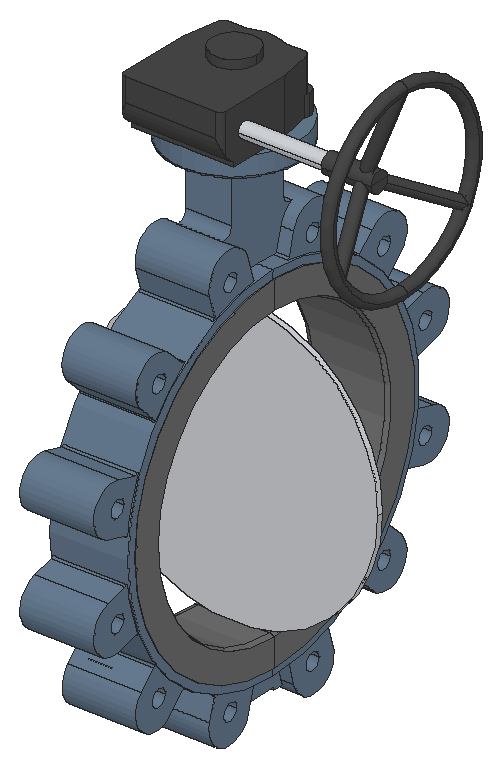
Revit family "Запорно-регулирующая заслонка с ручным редукторным приводом AF-4219", category Rohrzubehör, Revit 2021 (continued)
Dimensions and locks
  "D05": Revolve 6 sketch curve to plane 2
  "D04": Revolve 6 sketch curve to plane 2  (x2)
  "D02": Revolve 6 sketch curve to plane 2  (x2)
  "L03": plane 3 "Mitte (Links/rechts)" to Revolve 6 sketch curve
  "L02": Revolve 6 sketch curve to plane 3 "Mitte (Links/rechts)"
  "L03": Revolve 6 sketch curve to plane 3 "Mitte (Links/rechts)"
  "L01": plane 3 "Mitte (Links/rechts)" to Revolve 1 sketch curve
  "D02": Revolve 1 sketch curve to plane 2
  "L02": plane 3 "Mitte (Links/rechts)" to Revolve 6 sketch curve
  "D03": plane 2 to Revolve 6 sketch curve
  "L04": Revolve 6 sketch curve to plane 3 "Mitte (Links/rechts)" to Revolve 6 sketch curve
  "L01": curve 2 to plane 3 "Mitte (Links/rechts)" to curve 4
  equal spacing: curve 3, curve 6, curve 1
  equal spacing: curve 2, curve 6, curve 4
  "D01": curve 1 to plane 1 "Mitte (Vorne/hinten)" to curve 3
  "L01": curve 7 to curve 12 to curve 9
  "D01": curve 10 to curve 12 to curve 8
  "R99": radius of Revolve 2 sketch curve
  "D06": radius of Extrusion 7 sketch curve
  radius of curve 6 = 5 mm
  radius of curve 12 = 5 mm
  aligned and locked: level to plane 2
Automatic sketch dimensions
  Extrusion 3 sketch curve to Extrusion 3 sketch curve = 0 mm  (x20)
  Extrusion 3 sketch curve to level = 0 mm
  Extrusion 3 sketch curve to plane 1 "Mitte (Vorne/hinten)" = 0 mm
  plane 1 "Mitte (Vorne/hinten)" to Extrusion 3 sketch curve = 18.495 mm  (x2)
  Extrusion 3 sketch curve to Extrusion 3 sketch curve = 1.414 mm  (x16)
  Extrusion 3 sketch curve to Extrusion 3 sketch curve = 12.265 mm  (x8)
  Extrusion 3 sketch curve to level = 19.909 mm  (x2)
  Extrusion 3 sketch curve to Extrusion 3 sketch curve = 24.042 mm  (x8)
  level to Extrusion 3 sketch curve = 19.909 mm  (x2)
  Extrusion 3 sketch curve to Extrusion 3 sketch curve = 12.021 mm  (x12)
  Extrusion 3 sketch curve to plane 1 "Mitte (Vorne/hinten)" = 18.495 mm  (x2)
  Extrusion 3 sketch curve to Extrusion 3 sketch curve = 0.934 mm  (x4)
  Extrusion 4 sketch curve to level = 0 mm
  Extrusion 4 sketch curve to plane 1 "Mitte (Vorne/hinten)" = 0 mm
  plane 1 "Mitte (Vorne/hinten)" to Extrusion 4 sketch curve = 18.495 mm
  Extrusion 4 sketch curve to Extrusion 4 sketch curve = 1.414 mm  (x4)
  plane 1 "Mitte (Vorne/hinten)" to Extrusion 4 sketch curve = 20 mm
  Extrusion 4 sketch curve to Extrusion 4 sketch curve = 12.265 mm  (x2)
  Extrusion 4 sketch curve to Extrusion 4 sketch curve = 15 mm  (x2)
  Extrusion 4 sketch curve to Extrusion 4 sketch curve = 12.021 mm  (x4)
  Extrusion 4 sketch curve to plane 1 "Mitte (Vorne/hinten)" = 18.495 mm
  Extrusion 4 sketch curve to plane 1 "Mitte (Vorne/hinten)" = 20 mm
  level to Extrusion 4 sketch curve = 43.95 mm
  Extrusion 4 sketch curve to Extrusion 4 sketch curve = 0 mm
  Extrusion 4 sketch curve to Extrusion 4 sketch curve = 0.244 mm  (x2)
  Extrusion 4 sketch curve to Extrusion 4 sketch curve = 18.63 mm  (x2)
  Extrusion 4 sketch curve to Extrusion 4 sketch curve = 0.934 mm
  Extrusion 5 sketch curve to level = 0 mm
  Extrusion 5 sketch curve to plane 1 "Mitte (Vorne/hinten)" = 0 mm
  plane 1 "Mitte (Vorne/hinten)" to Extrusion 5 sketch curve = 15 mm
  Extrusion 5 sketch curve to Extrusion 5 sketch curve = 1.963 mm  (x2)
  Extrusion 5 sketch curve to Extrusion 5 sketch curve = 1.531 mm  (x2)
  Extrusion 5 sketch curve to Extrusion 5 sketch curve = 1.414 mm  (x4)
  Extrusion 5 sketch curve to Extrusion 5 sketch curve = 15.21 mm  (x2)
  Extrusion 5 sketch curve to Extrusion 5 sketch curve = 1.66 mm  (x2)
  Extrusion 5 sketch curve to Extrusion 5 sketch curve = 12.021 mm  (x3)
  Extrusion 5 sketch curve to plane 1 "Mitte (Vorne/hinten)" = 15 mm
  Extrusion 5 sketch curve to Extrusion 5 sketch curve = 1.037 mm  (x2)
  Extrusion 5 sketch curve to Extrusion 5 sketch curve = 1.4 mm  (x2)
  Extrusion 5 sketch curve to Extrusion 5 sketch curve = 1.785 mm  (x2)
  Extrusion 5 sketch curve to Extrusion 5 sketch curve = 12.635 mm  (x2)
  Extrusion 5 sketch curve to Extrusion 5 sketch curve = 0.934 mm
  Extrusion 5 sketch curve to Extrusion 5 sketch curve = 0.788 mm  (x2)
  Extrusion 5 sketch curve to Extrusion 5 sketch curve = 0 mm  (x2)
  Extrusion 4 sketch curve to Extrusion 4 sketch curve = 37.155 mm
  Extrusion 5 sketch curve to level = 43.95 mm
  Extrusion 8 sketch curve to Extrusion 8 sketch curve = 0 mm  (x12)
  Extrusion 8 sketch curve to level = 39.244 mm  (x2)
  plane 1 "Mitte (Vorne/hinten)" to Extrusion 8 sketch curve = 63.286 mm
  level to Extrusion 8 sketch curve = 39.244 mm  (x2)
  Extrusion 8 sketch curve to Extrusion 8 sketch curve = 9.19 mm  (x2)
  level to Extrusion 8 sketch curve = 28.614 mm  (x2)
  Extrusion 8 sketch curve to Extrusion 8 sketch curve = 1.441 mm  (x8)
  Extrusion 8 sketch curve to level = 28.614 mm  (x2)
  Extrusion 8 sketch curve to Extrusion 8 sketch curve = 12.021 mm  (x6)
  level to Extrusion 8 sketch curve = 63.286 mm  (x2)
  Extrusion 8 sketch curve to level = 63.286 mm  (x2)
  level to Extrusion 8 sketch curve = 52.636 mm  (x2)
  Extrusion 8 sketch curve to Extrusion 8 sketch curve = 10.65 mm  (x4)
  Extrusion 8 sketch curve to level = 52.636 mm  (x2)
  Extrusion 8 sketch curve to Extrusion 8 sketch curve = 1.414 mm  (x8)
  level to Extrusion 8 sketch curve = 0.001 mm  (x2)
  Extrusion 8 sketch curve to Extrusion 8 sketch curve = 28.594 mm
  Extrusion 8 sketch curve to level = 0.001 mm  (x2)
  Extrusion 8 sketch curve to Extrusion 8 sketch curve = 0.001 mm  (x2)
  Extrusion 8 sketch curve to Extrusion 8 sketch curve = 54.361 mm  (x2)
  Extrusion 8 sketch curve to Extrusion 8 sketch curve = 1.39 mm  (x2)
  Extrusion 8 sketch curve to Extrusion 8 sketch curve = 10.63 mm  (x2)
  Extrusion 8 sketch curve to Extrusion 8 sketch curve = 1.832 mm  (x2)
  Extrusion 9 sketch curve to Extrusion 9 sketch curve = 0 mm  (x5)
  Extrusion 9 sketch curve to level = 0 mm
  Extrusion 9 sketch curve to level = 51.265 mm
  plane 1 "Mitte (Vorne/hinten)" to Extrusion 9 sketch curve = 51.265 mm
  level to Extrusion 9 sketch curve = 51.265 mm
  Extrusion 9 sketch curve to Extrusion 9 sketch curve = 9.247 mm  (x3)
  Extrusion 9 sketch curve to level = 63.286 mm  (x2)
  Extrusion 9 sketch curve to Extrusion 9 sketch curve = 2.774 mm  (x4)
  level to Extrusion 9 sketch curve = 63.286 mm  (x2)
  Extrusion 9 sketch curve to Extrusion 9 sketch curve = 2.244 mm  (x2)
  Extrusion 9 sketch curve to Extrusion 9 sketch curve = 0.183 mm  (x2)
  level to Extrusion 9 sketch curve = 52.636 mm  (x2)
  Extrusion 9 sketch curve to Extrusion 9 sketch curve = 10.65 mm  (x3)
  Extrusion 9 sketch curve to level = 52.636 mm  (x2)
  Extrusion 9 sketch curve to Extrusion 9 sketch curve = 1.414 mm  (x8)
  Extrusion 9 sketch curve to Extrusion 9 sketch curve = 14.817 mm  (x2)
  Extrusion 9 sketch curve to Extrusion 9 sketch curve = 7.21 mm
  Extrusion 9 sketch curve to Extrusion 9 sketch curve = 1.971 mm
  Extrusion 9 sketch curve to Extrusion 9 sketch curve = 28.595 mm
  Extrusion 9 sketch curve to Extrusion 9 sketch curve = 36 mm
  Extrusion 9 sketch curve to Extrusion 9 sketch curve = 1.997 mm
  Extrusion 9 sketch curve to Extrusion 9 sketch curve = 44 mm
  Extrusion 9 sketch curve to Extrusion 9 sketch curve = 5.181 mm
  Extrusion 9 sketch curve to Extrusion 9 sketch curve = 7.184 mm
  Extrusion 9 sketch curve to Extrusion 9 sketch curve = 12.021 mm  (x2)
  Extrusion 9 sketch curve to Extrusion 9 sketch curve = 14.891 mm
  Extrusion 9 sketch curve to Extrusion 9 sketch curve = 6.473 mm
  Extrusion 9 sketch curve to Extrusion 9 sketch curve = 12.756 mm  (x2)
  Extrusion 9 sketch curve to Extrusion 9 sketch curve = 55.987 mm
  Extrusion 10 sketch curve to Extrusion 10 sketch curve = 0 mm  (x48)
  level to Extrusion 10 sketch curve = 14.909 mm  (x2)
  plane 1 "Mitte (Vorne/hinten)" to Extrusion 10 sketch curve = 80.416 mm
  Extrusion 10 sketch curve to level = 14.909 mm  (x2)
  Extrusion 10 sketch curve to Extrusion 10 sketch curve = 6.506 mm  (x6)
  Extrusion 10 sketch curve to level = 46.321 mm  (x2)
  level to Extrusion 10 sketch curve = 46.321 mm  (x2)
  Extrusion 10 sketch curve to level = 7.243 mm
  Extrusion 10 sketch curve to Extrusion 10 sketch curve = 13.321 mm
  level to Extrusion 10 sketch curve = 7.243 mm
  Extrusion 10 sketch curve to level = 9.076 mm  (x2)
  Extrusion 10 sketch curve to Extrusion 10 sketch curve = 0.759 mm  (x8)
  level to Extrusion 10 sketch curve = 9.076 mm  (x2)
  level to Extrusion 10 sketch curve = 40.487 mm  (x2)
  Extrusion 10 sketch curve to Extrusion 10 sketch curve = 14.082 mm  (x4)
  Extrusion 10 sketch curve to level = 40.487 mm  (x2)
  Extrusion 10 sketch curve to Extrusion 10 sketch curve = 0.758 mm  (x8)
  level to Extrusion 10 sketch curve = 67.405 mm  (x2)
  Extrusion 10 sketch curve to Extrusion 10 sketch curve = 6.243 mm  (x2)
  Extrusion 10 sketch curve to level = 67.405 mm  (x2)
  Extrusion 10 sketch curve to Extrusion 10 sketch curve = 10.245 mm  (x4)
  level to Extrusion 10 sketch curve = 53.322 mm  (x2)
  Extrusion 10 sketch curve to Extrusion 10 sketch curve = 1.831 mm  (x8)
  Extrusion 10 sketch curve to level = 53.322 mm  (x2)
  Extrusion 10 sketch curve to Extrusion 10 sketch curve = 15.706 mm  (x6)
  level to Extrusion 10 sketch curve = 80.416 mm  (x2)
  Extrusion 10 sketch curve to level = 80.416 mm  (x2)
  Extrusion 10 sketch curve to level = 66.335 mm  (x2)
  Extrusion 10 sketch curve to Extrusion 10 sketch curve = 5.832 mm  (x4)
  level to Extrusion 10 sketch curve = 66.335 mm  (x2)
  Extrusion 10 sketch curve to Extrusion 10 sketch curve = 1.833 mm  (x6)
  level to Extrusion 10 sketch curve = 0 mm
  Extrusion 10 sketch curve to Extrusion 10 sketch curve = 14.486 mm  (x2)
  Extrusion 10 sketch curve to Extrusion 10 sketch curve = 9.873 mm  (x2)
  Extrusion 10 sketch curve to Extrusion 10 sketch curve = 5.833 mm  (x2)
  Extrusion 10 sketch curve to Extrusion 10 sketch curve = 13.013 mm
  Extrusion 10 sketch curve to Extrusion 10 sketch curve = 14.081 mm  (x2)
  Extrusion 10 sketch curve to Extrusion 10 sketch curve = 1.973 mm  (x4)
  Extrusion 10 sketch curve to Extrusion 10 sketch curve = 1.544 mm  (x4)
  Extrusion 10 sketch curve to Extrusion 10 sketch curve = 1.243 mm  (x3)
  Extrusion 10 sketch curve to Extrusion 10 sketch curve = 0.211 mm  (x2)
  Extrusion 10 sketch curve to Extrusion 10 sketch curve = 0.002 mm  (x5)
  Extrusion 10 sketch curve to Extrusion 10 sketch curve = 0.213 mm  (x2)
  Extrusion 10 sketch curve to Extrusion 10 sketch curve = 41.076 mm
  Extrusion 10 sketch curve to level = 0 mm
  level to Extrusion 11 sketch curve = 100.814 mm
  plane 1 "Mitte (Vorne/hinten)" to Extrusion 11 sketch curve = 32 mm
  Extrusion 11 sketch curve to Extrusion 11 sketch curve = 1.385 mm
  Extrusion 11 sketch curve to Extrusion 11 sketch curve = 10 mm  (x2)
  Extrusion 11 sketch curve to level = 80.416 mm
  Extrusion 11 sketch curve to Extrusion 11 sketch curve = 15.706 mm  (x3)
  level to Extrusion 11 sketch curve = 80.416 mm  (x2)
  Extrusion 11 sketch curve to Extrusion 11 sketch curve = 1.409 mm
  Extrusion 11 sketch curve to level = 66.335 mm  (x2)
  Extrusion 11 sketch curve to Extrusion 11 sketch curve = 5.832 mm  (x3)
  level to Extrusion 11 sketch curve = 66.335 mm  (x2)
  Extrusion 11 sketch curve to Extrusion 11 sketch curve = 1.833 mm  (x4)
  level to Extrusion 11 sketch curve = 0.554 mm
  Extrusion 11 sketch curve to Extrusion 11 sketch curve = 9.076 mm
  Extrusion 11 sketch curve to level = 0.554 mm
  Extrusion 11 sketch curve to Extrusion 11 sketch curve = 0 mm  (x3)
  Extrusion 11 sketch curve to Extrusion 11 sketch curve = 14.486 mm  (x2)
  Extrusion 11 sketch curve to Extrusion 11 sketch curve = 44 mm
  Extrusion 11 sketch curve to Extrusion 11 sketch curve = 0.759 mm  (x4)
  Extrusion 11 sketch curve to Extrusion 11 sketch curve = 6.506 mm
  Extrusion 11 sketch curve to Extrusion 11 sketch curve = 42.686 mm
  Extrusion 11 sketch curve to level = 80.371 mm
  Extrusion 11 sketch curve to Extrusion 11 sketch curve = 1.39 mm
  Extrusion 11 sketch curve to Extrusion 11 sketch curve = 27 mm
  Extrusion 12 sketch curve to Extrusion 12 sketch curve = 0 mm  (x40)
  Extrusion 12 sketch curve to level = 0 mm
  level to Extrusion 12 sketch curve = 18.736 mm  (x2)
  plane 1 "Mitte (Vorne/hinten)" to Extrusion 12 sketch curve = 89.655 mm
  Extrusion 12 sketch curve to level = 18.736 mm  (x2)
  Extrusion 12 sketch curve to Extrusion 12 sketch curve = 6.506 mm  (x6)
  Extrusion 12 sketch curve to level = 50.147 mm  (x2)
  level to Extrusion 12 sketch curve = 50.147 mm  (x2)
  Extrusion 12 sketch curve to Extrusion 12 sketch curve = 13.415 mm  (x2)
  Extrusion 12 sketch curve to level = 12.858 mm  (x2)
  Extrusion 12 sketch curve to Extrusion 12 sketch curve = 0.776 mm  (x8)
  level to Extrusion 12 sketch curve = 12.858 mm  (x2)
  Extrusion 12 sketch curve to level = 44.269 mm  (x2)
  Extrusion 12 sketch curve to Extrusion 12 sketch curve = 14.192 mm  (x4)
  level to Extrusion 12 sketch curve = 44.269 mm  (x2)
  Extrusion 12 sketch curve to Extrusion 12 sketch curve = 0.775 mm  (x8)
  level to Extrusion 12 sketch curve = 76.644 mm  (x2)
  Extrusion 12 sketch curve to Extrusion 12 sketch curve = 11.529 mm  (x2)
  Extrusion 12 sketch curve to level = 76.644 mm  (x2)
  Extrusion 12 sketch curve to Extrusion 12 sketch curve = 4.008 mm  (x2)
  level to Extrusion 12 sketch curve = 62.451 mm  (x2)
  Extrusion 12 sketch curve to Extrusion 12 sketch curve = 1.871 mm  (x8)
  Extrusion 12 sketch curve to level = 62.451 mm  (x2)
  Extrusion 12 sketch curve to Extrusion 12 sketch curve = 15.706 mm  (x6)
  level to Extrusion 12 sketch curve = 89.655 mm  (x2)
  Extrusion 12 sketch curve to level = 89.655 mm  (x2)
  Extrusion 12 sketch curve to level = 75.464 mm  (x2)
  Extrusion 12 sketch curve to Extrusion 12 sketch curve = 5.878 mm  (x4)
  level to Extrusion 12 sketch curve = 75.464 mm  (x2)
  Extrusion 12 sketch curve to Extrusion 12 sketch curve = 1.873 mm  (x8)
  Extrusion 12 sketch curve to Extrusion 12 sketch curve = 21.969 mm  (x2)
  Extrusion 12 sketch curve to Extrusion 12 sketch curve = 9.827 mm  (x2)
  Extrusion 12 sketch curve to Extrusion 12 sketch curve = 5.879 mm  (x2)
  Extrusion 12 sketch curve to Extrusion 12 sketch curve = 15.537 mm  (x2)
  Extrusion 12 sketch curve to Extrusion 12 sketch curve = 13.013 mm
  Extrusion 12 sketch curve to Extrusion 12 sketch curve = 14.19 mm  (x2)
  Extrusion 12 sketch curve to Extrusion 12 sketch curve = 44.269 mm
  Extrusion 13 sketch curve to Extrusion 13 sketch curve = 0 mm  (x5)
  Extrusion 13 sketch curve to level = 0 mm
  level to Extrusion 13 sketch curve = 114.47 mm
  plane 1 "Mitte (Vorne/hinten)" to Extrusion 13 sketch curve = 41 mm
  Extrusion 13 sketch curve to level = 83.149 mm
  Extrusion 13 sketch curve to Extrusion 13 sketch curve = 6.558 mm  (x2)
  Extrusion 13 sketch curve to Extrusion 13 sketch curve = 15 mm  (x2)
  level to Extrusion 13 sketch curve = 89.655 mm  (x2)
  Extrusion 13 sketch curve to Extrusion 13 sketch curve = 15.706 mm  (x2)
  Extrusion 13 sketch curve to Extrusion 13 sketch curve = 5.236 mm  (x2)
  level to Extrusion 13 sketch curve = 75.464 mm  (x2)
  Extrusion 13 sketch curve to Extrusion 13 sketch curve = 5.878 mm  (x3)
  Extrusion 13 sketch curve to level = 75.464 mm  (x2)
  Extrusion 13 sketch curve to Extrusion 13 sketch curve = 1.873 mm  (x4)
  Extrusion 13 sketch curve to Extrusion 13 sketch curve = 12.858 mm
  Extrusion 13 sketch curve to Extrusion 13 sketch curve = 21.969 mm
  Extrusion 13 sketch curve to Extrusion 13 sketch curve = 3.345 mm
  Extrusion 13 sketch curve to Extrusion 13 sketch curve = 3 mm  (x2)
  Extrusion 13 sketch curve to Extrusion 13 sketch curve = 6.506 mm  (x3)
  Extrusion 13 sketch curve to Extrusion 13 sketch curve = 0.776 mm  (x4)
  Extrusion 13 sketch curve to Extrusion 13 sketch curve = 31.321 mm
  Extrusion 13 sketch curve to Extrusion 13 sketch curve = 52.53 mm
  Extrusion 13 sketch curve to Extrusion 13 sketch curve = 11.129 mm  (x2)
  Extrusion 13 sketch curve to Extrusion 13 sketch curve = 9.812 mm  (x2)
  Extrusion 13 sketch curve to Extrusion 13 sketch curve = 3.078 mm
  Extrusion 13 sketch curve to Extrusion 13 sketch curve = 21.68 mm
  Extrusion 13 sketch curve to Extrusion 13 sketch curve = 2.515 mm
  Extrusion 13 sketch curve to Extrusion 13 sketch curve = 52 mm
  Extrusion 14 sketch curve to Extrusion 14 sketch curve = 0 mm  (x22)
  Extrusion 14 sketch curve to level = 24.476 mm  (x2)
  plane 1 "Mitte (Vorne/hinten)" to Extrusion 14 sketch curve = 103.513 mm
  level to Extrusion 14 sketch curve = 24.476 mm  (x2)
  Extrusion 14 sketch curve to Extrusion 14 sketch curve = 6.506 mm  (x6)
  Extrusion 14 sketch curve to Extrusion 14 sketch curve = 11.623 mm  (x2)
  Extrusion 14 sketch curve to level = 19.351 mm  (x2)
  Extrusion 14 sketch curve to Extrusion 14 sketch curve = 0.749 mm  (x8)
  level to Extrusion 14 sketch curve = 19.351 mm  (x2)
  Extrusion 14 sketch curve to level = 55.888 mm  (x2)
  level to Extrusion 14 sketch curve = 55.888 mm  (x2)
  Extrusion 14 sketch curve to level = 50.783 mm  (x2)
  Extrusion 14 sketch curve to Extrusion 14 sketch curve = 12.323 mm  (x4)
  level to Extrusion 14 sketch curve = 50.783 mm  (x2)
  Extrusion 14 sketch curve to Extrusion 14 sketch curve = 0.774 mm  (x8)
  level to Extrusion 14 sketch curve = 90.502 mm  (x2)
  Extrusion 14 sketch curve to Extrusion 14 sketch curve = 21.517 mm  (x2)
  Extrusion 14 sketch curve to level = 90.502 mm  (x2)
  Extrusion 14 sketch curve to Extrusion 14 sketch curve = 3.235 mm  (x2)
  Extrusion 14 sketch curve to level = 78.179 mm  (x2)
  Extrusion 14 sketch curve to Extrusion 14 sketch curve = 1.869 mm  (x8)
  level to Extrusion 14 sketch curve = 78.179 mm  (x2)
  Extrusion 14 sketch curve to Extrusion 14 sketch curve = 15.706 mm  (x6)
  level to Extrusion 14 sketch curve = 103.513 mm  (x2)
  Extrusion 14 sketch curve to level = 103.513 mm  (x2)
  level to Extrusion 14 sketch curve = 91.141 mm  (x2)
  Extrusion 14 sketch curve to Extrusion 14 sketch curve = 5.125 mm  (x4)
  Extrusion 14 sketch curve to level = 91.141 mm  (x2)
  Extrusion 14 sketch curve to Extrusion 14 sketch curve = 1.809 mm  (x8)
  Extrusion 14 sketch curve to level = 0.103 mm  (x2)
  Extrusion 14 sketch curve to Extrusion 14 sketch curve = 90.896 mm
  level to Extrusion 14 sketch curve = 0.103 mm  (x2)
  Extrusion 14 sketch curve to Extrusion 14 sketch curve = 0.142 mm  (x7)
  Extrusion 14 sketch curve to Extrusion 14 sketch curve = 0.207 mm  (x2)
  Extrusion 14 sketch curve to Extrusion 14 sketch curve = 35.084 mm  (x2)
  Extrusion 14 sketch curve to Extrusion 14 sketch curve = 10.601 mm  (x2)
  Extrusion 14 sketch curve to Extrusion 14 sketch curve = 5.104 mm  (x2)
  Extrusion 14 sketch curve to Extrusion 14 sketch curve = 24.752 mm  (x2)
  Extrusion 14 sketch curve to Extrusion 14 sketch curve = 12.962 mm  (x2)
  Extrusion 14 sketch curve to Extrusion 14 sketch curve = 12.372 mm  (x2)
  Extrusion 14 sketch curve to level = 0.245 mm
  Extrusion 14 sketch curve to Extrusion 14 sketch curve = 1.933 mm  (x2)
  Extrusion 14 sketch curve to Extrusion 14 sketch curve = 0.314 mm  (x2)
  level to Extrusion 15 sketch curve = 97.007 mm
  plane 1 "Mitte (Vorne/hinten)" to Extrusion 15 sketch curve = 40.182 mm
  Extrusion 15 sketch curve to level = 97.007 mm
  Extrusion 15 sketch curve to Extrusion 15 sketch curve = 0 mm  (x7)
  Extrusion 15 sketch curve to Extrusion 15 sketch curve = 4.132 mm
  Extrusion 15 sketch curve to Extrusion 15 sketch curve = 10.048 mm  (x2)
  Extrusion 15 sketch curve to Extrusion 15 sketch curve = 15.706 mm  (x3)
  level to Extrusion 15 sketch curve = 103.513 mm  (x2)
  level to Extrusion 15 sketch curve = 91.141 mm  (x2)
  Extrusion 15 sketch curve to Extrusion 15 sketch curve = 5.125 mm  (x3)
  Extrusion 15 sketch curve to level = 91.141 mm  (x2)
  Extrusion 15 sketch curve to Extrusion 15 sketch curve = 1.809 mm  (x4)
  Extrusion 15 sketch curve to Extrusion 15 sketch curve = 10.974 mm  (x2)
  Extrusion 15 sketch curve to level = 0.111 mm
  Extrusion 15 sketch curve to Extrusion 15 sketch curve = 19.35 mm
  level to Extrusion 15 sketch curve = 0.111 mm
  Extrusion 15 sketch curve to Extrusion 15 sketch curve = 35.081 mm
  Extrusion 15 sketch curve to Extrusion 15 sketch curve = 4.041 mm
  Extrusion 15 sketch curve to level = 103.513 mm
  Extrusion 15 sketch curve to Extrusion 15 sketch curve = 9.998 mm  (x2)
  Extrusion 15 sketch curve to Extrusion 15 sketch curve = 3 mm
  Extrusion 15 sketch curve to Extrusion 15 sketch curve = 6.505 mm  (x2)
  Extrusion 15 sketch curve to Extrusion 15 sketch curve = 0.749 mm  (x4)
  Extrusion 15 sketch curve to Extrusion 15 sketch curve = 20.176 mm  (x2)
  Extrusion 15 sketch curve to Extrusion 15 sketch curve = 62.311 mm
  Extrusion 15 sketch curve to Extrusion 15 sketch curve = 0.048 mm
  Extrusion 15 sketch curve to Extrusion 15 sketch curve = 11.626 mm  (x2)
  Extrusion 15 sketch curve to Extrusion 15 sketch curve = 27 mm
  Extrusion 15 sketch curve to Extrusion 15 sketch curve = 52 mm
  Extrusion 16 sketch curve to Extrusion 16 sketch curve = 0 mm  (x23)
  Extrusion 16 sketch curve to level = 26.521 mm  (x2)
  plane 1 "Mitte (Vorne/hinten)" to Extrusion 16 sketch curve = 118.902 mm
  level to Extrusion 16 sketch curve = 26.521 mm  (x2)
  Extrusion 16 sketch curve to Extrusion 16 sketch curve = 8.036 mm  (x6)
  Extrusion 16 sketch curve to Extrusion 16 sketch curve = 15.875 mm  (x2)
  level to Extrusion 16 sketch curve = 65.323 mm  (x2)
  Extrusion 16 sketch curve to level = 65.323 mm  (x2)
  level to Extrusion 16 sketch curve = 19.621 mm  (x2)
  Extrusion 16 sketch curve to Extrusion 16 sketch curve = 0.782 mm  (x8)
  Extrusion 16 sketch curve to level = 19.621 mm  (x2)
  Extrusion 16 sketch curve to level = 58.409 mm  (x2)
  Extrusion 16 sketch curve to Extrusion 16 sketch curve = 16.693 mm  (x4)
  level to Extrusion 16 sketch curve = 58.409 mm  (x2)
  Extrusion 16 sketch curve to Extrusion 16 sketch curve = 0.763 mm  (x8)
  Extrusion 16 sketch curve to level = 102.829 mm  (x2)
  Extrusion 16 sketch curve to Extrusion 16 sketch curve = 20.05 mm  (x2)
  level to Extrusion 16 sketch curve = 102.829 mm  (x2)
  Extrusion 16 sketch curve to Extrusion 16 sketch curve = 5.074 mm  (x2)
  level to Extrusion 16 sketch curve = 86.136 mm  (x2)
  Extrusion 16 sketch curve to Extrusion 16 sketch curve = 1.841 mm  (x8)
  Extrusion 16 sketch curve to level = 86.136 mm  (x2)
  Extrusion 16 sketch curve to Extrusion 16 sketch curve = 19.401 mm  (x6)
  level to Extrusion 16 sketch curve = 118.902 mm  (x2)
  Extrusion 16 sketch curve to level = 118.902 mm  (x2)
  level to Extrusion 16 sketch curve = 102.246 mm  (x2)
  Extrusion 16 sketch curve to Extrusion 16 sketch curve = 6.899 mm  (x4)
  Extrusion 16 sketch curve to level = 102.246 mm  (x2)
  Extrusion 16 sketch curve to Extrusion 16 sketch curve = 1.887 mm  (x8)
  level to Extrusion 16 sketch curve = 0.002 mm  (x2)
  Extrusion 16 sketch curve to Extrusion 16 sketch curve = 86.133 mm
  Extrusion 16 sketch curve to level = 0.002 mm
  Extrusion 16 sketch curve to Extrusion 16 sketch curve = 0.001 mm  (x8)
  Extrusion 16 sketch curve to Extrusion 16 sketch curve = 35.469 mm  (x2)
  Extrusion 16 sketch curve to Extrusion 16 sketch curve = 12.487 mm  (x2)
  Extrusion 16 sketch curve to Extrusion 16 sketch curve = 6.914 mm  (x2)
  Extrusion 16 sketch curve to Extrusion 16 sketch curve = 25.124 mm  (x2)
  Extrusion 16 sketch curve to Extrusion 16 sketch curve = 16.11 mm
  Extrusion 16 sketch curve to Extrusion 16 sketch curve = 16.656 mm  (x2)
  Extrusion 16 sketch curve to level = 0.003 mm
  Extrusion 16 sketch curve to Extrusion 16 sketch curve = 2.019 mm  (x2)
  Extrusion 16 sketch curve to Extrusion 16 sketch curve = 0.309 mm  (x2)
  Extrusion 16 sketch curve to Extrusion 16 sketch curve = 0.004 mm  (x2)
  Extrusion 17 sketch curve to Extrusion 17 sketch curve = 0 mm  (x7)
  Extrusion 17 sketch curve to level = 0 mm
  Extrusion 17 sketch curve to plane 1 "Mitte (Vorne/hinten)" = 0 mm
  plane 1 "Mitte (Vorne/hinten)" to Extrusion 17 sketch curve = 13.5 mm
  plane 1 "Mitte (Vorne/hinten)" to Extrusion 17 sketch curve = 17.734 mm  (x2)
  Extrusion 17 sketch curve to Extrusion 17 sketch curve = 1.887 mm  (x4)
  plane 1 "Mitte (Vorne/hinten)" to Extrusion 17 sketch curve = 26 mm
  Extrusion 17 sketch curve to Extrusion 17 sketch curve = 0.521 mm
  Extrusion 17 sketch curve to Extrusion 17 sketch curve = 13.021 mm  (x2)
  Extrusion 17 sketch curve to Extrusion 17 sketch curve = 4.341 mm  (x2)
  Extrusion 17 sketch curve to Extrusion 17 sketch curve = 10 mm  (x2)
  Extrusion 17 sketch curve to Extrusion 17 sketch curve = 19.401 mm  (x4)
  Extrusion 17 sketch curve to plane 1 "Mitte (Vorne/hinten)" = 13.5 mm
  Extrusion 17 sketch curve to plane 1 "Mitte (Vorne/hinten)" = 17.734 mm  (x2)
  Extrusion 17 sketch curve to Extrusion 17 sketch curve = 6.899 mm
  Extrusion 17 sketch curve to level = 102.246 mm
  Extrusion 17 sketch curve to Extrusion 17 sketch curve = 0.782 mm  (x4)
  Extrusion 17 sketch curve to Extrusion 17 sketch curve = 8.62 mm  (x4)
  Extrusion 17 sketch curve to Extrusion 17 sketch curve = 16.656 mm  (x4)
  Extrusion 17 sketch curve to Extrusion 17 sketch curve = 3 mm
  level to Extrusion 17 sketch curve = 102.246 mm
  Extrusion 17 sketch curve to Extrusion 17 sketch curve = 16.098 mm  (x2)
  Extrusion 17 sketch curve to Extrusion 17 sketch curve = 64 mm
  Extrusion 17 sketch curve to Extrusion 17 sketch curve = 4.938 mm
  Extrusion 18 sketch curve to Extrusion 18 sketch curve = 0 mm  (x62)
  Extrusion 18 sketch curve to level = 0 mm
  Extrusion 18 sketch curve to level = 17.891 mm  (x2)
  plane 1 "Mitte (Vorne/hinten)" to Extrusion 18 sketch curve = 147.909 mm
  level to Extrusion 18 sketch curve = 17.891 mm  (x2)
  Extrusion 18 sketch curve to Extrusion 18 sketch curve = 5.435 mm  (x6)
  Extrusion 18 sketch curve to level = 58.46 mm  (x2)
  level to Extrusion 18 sketch curve = 58.46 mm  (x2)
  Extrusion 18 sketch curve to Extrusion 18 sketch curve = 15.462 mm  (x2)
  level to Extrusion 18 sketch curve = 13.612 mm  (x2)
  Extrusion 18 sketch curve to Extrusion 18 sketch curve = 0.509 mm  (x8)
  Extrusion 18 sketch curve to level = 13.612 mm  (x2)
  Extrusion 18 sketch curve to level = 54.199 mm  (x2)
  Extrusion 18 sketch curve to Extrusion 18 sketch curve = 15.903 mm  (x4)
  level to Extrusion 18 sketch curve = 54.199 mm  (x2)
  Extrusion 18 sketch curve to Extrusion 18 sketch curve = 0.53 mm  (x8)
  Extrusion 18 sketch curve to level = 89.449 mm  (x2)
  Extrusion 18 sketch curve to Extrusion 18 sketch curve = 1.459 mm  (x2)
  level to Extrusion 18 sketch curve = 89.449 mm  (x2)
  Extrusion 18 sketch curve to Extrusion 18 sketch curve = 10.302 mm  (x2)
  Extrusion 18 sketch curve to level = 77.758 mm  (x2)
  Extrusion 18 sketch curve to Extrusion 18 sketch curve = 1.389 mm  (x8)
  level to Extrusion 18 sketch curve = 77.758 mm  (x2)
  Extrusion 18 sketch curve to Extrusion 18 sketch curve = 14.849 mm  (x6)
  Extrusion 18 sketch curve to level = 119.147 mm  (x2)
  level to Extrusion 18 sketch curve = 119.147 mm  (x2)
  level to Extrusion 18 sketch curve = 107.506 mm  (x2)
  Extrusion 18 sketch curve to Extrusion 18 sketch curve = 11.642 mm  (x4)
  Extrusion 18 sketch curve to level = 107.506 mm  (x2)
  Extrusion 18 sketch curve to Extrusion 18 sketch curve = 1.448 mm  (x8)
  level to Extrusion 18 sketch curve = 137.039 mm  (x2)
  Extrusion 18 sketch curve to Extrusion 18 sketch curve = 17.899 mm  (x2)
  Extrusion 18 sketch curve to level = 137.039 mm  (x2)
  Extrusion 18 sketch curve to Extrusion 18 sketch curve = 2.283 mm  (x2)
  Extrusion 18 sketch curve to level = 121.136 mm  (x2)
  Extrusion 18 sketch curve to Extrusion 18 sketch curve = 1.978 mm  (x8)
  level to Extrusion 18 sketch curve = 121.136 mm  (x2)
  Extrusion 18 sketch curve to Extrusion 18 sketch curve = 20.284 mm  (x6)
  Extrusion 18 sketch curve to level = 147.909 mm  (x2)
  level to Extrusion 18 sketch curve = 147.909 mm  (x2)
  level to Extrusion 18 sketch curve = 131.939 mm  (x2)
  Extrusion 18 sketch curve to Extrusion 18 sketch curve = 4.279 mm  (x4)
  Extrusion 18 sketch curve to level = 131.939 mm  (x2)
  Extrusion 18 sketch curve to Extrusion 18 sketch curve = 1.898 mm  (x8)
  Extrusion 18 sketch curve to Extrusion 18 sketch curve = 13.612 mm
  Extrusion 18 sketch curve to Extrusion 18 sketch curve = 23.429 mm  (x2)
  Extrusion 18 sketch curve to Extrusion 18 sketch curve = 16.023 mm  (x2)
  Extrusion 18 sketch curve to Extrusion 18 sketch curve = 4.261 mm  (x2)
  Extrusion 18 sketch curve to Extrusion 18 sketch curve = 20.183 mm  (x2)
  Extrusion 18 sketch curve to Extrusion 18 sketch curve = 3.158 mm  (x2)
  Extrusion 18 sketch curve to Extrusion 18 sketch curve = 11.691 mm  (x2)
  Extrusion 18 sketch curve to Extrusion 18 sketch curve = 11.76 mm  (x2)
  Extrusion 18 sketch curve to Extrusion 18 sketch curve = 10.803 mm
  Extrusion 18 sketch curve to Extrusion 18 sketch curve = 15.97 mm  (x2)
  Extrusion 19 sketch curve to Extrusion 19 sketch curve = 0 mm  (x5)
  Extrusion 19 sketch curve to level = 0 mm
  Extrusion 19 sketch curve to level = 142.474 mm
  plane 1 "Mitte (Vorne/hinten)" to Extrusion 19 sketch curve = 38.176 mm
  level to Extrusion 19 sketch curve = 142.474 mm
  Extrusion 19 sketch curve to Extrusion 19 sketch curve = 8.163 mm
  Extrusion 19 sketch curve to Extrusion 19 sketch curve = 2.013 mm  (x2)
  Extrusion 19 sketch curve to level = 147.909 mm
  Extrusion 19 sketch curve to Extrusion 19 sketch curve = 20.284 mm  (x3)
  level to Extrusion 19 sketch curve = 147.909 mm  (x2)
  Extrusion 19 sketch curve to Extrusion 19 sketch curve = 10.109 mm
  Extrusion 19 sketch curve to level = 131.939 mm  (x2)
  Extrusion 19 sketch curve to Extrusion 19 sketch curve = 4.279 mm  (x4)
  level to Extrusion 19 sketch curve = 131.939 mm  (x2)
  Extrusion 19 sketch curve to Extrusion 19 sketch curve = 1.898 mm  (x4)
  Extrusion 19 sketch curve to Extrusion 19 sketch curve = 13.612 mm
  Extrusion 19 sketch curve to Extrusion 19 sketch curve = 23.429 mm  (x2)
  Extrusion 19 sketch curve to Extrusion 19 sketch curve = 56 mm
  Extrusion 19 sketch curve to Extrusion 19 sketch curve = 5.435 mm  (x2)
  Extrusion 19 sketch curve to Extrusion 19 sketch curve = 0.509 mm  (x4)
  Extrusion 19 sketch curve to Extrusion 19 sketch curve = 16.081 mm  (x2)
  Extrusion 19 sketch curve to Extrusion 19 sketch curve = 66.01 mm
  Extrusion 19 sketch curve to Extrusion 19 sketch curve = 1.832 mm  (x2)
  Extrusion 19 sketch curve to Extrusion 19 sketch curve = 0.173 mm
  Extrusion 20 sketch curve to level = 22.097 mm  (x2)
  plane 1 "Mitte (Vorne/hinten)" to Extrusion 20 sketch curve = 177.618 mm
  level to Extrusion 20 sketch curve = 22.097 mm  (x2)
  Extrusion 20 sketch curve to Extrusion 20 sketch curve = 0 mm  (x17)
  Extrusion 20 sketch curve to Extrusion 20 sketch curve = 6.47 mm  (x4)
  Extrusion 20 sketch curve to Extrusion 20 sketch curve = 2.415 mm  (x8)
  level to Extrusion 20 sketch curve = 70.393 mm  (x2)
  Extrusion 20 sketch curve to level = 70.393 mm  (x2)
  Extrusion 20 sketch curve to Extrusion 20 sketch curve = 18.556 mm  (x2)
  Extrusion 20 sketch curve to level = 16.983 mm  (x2)
  Extrusion 20 sketch curve to Extrusion 20 sketch curve = 0.529 mm  (x16)
  level to Extrusion 20 sketch curve = 16.983 mm  (x2)
  level to Extrusion 20 sketch curve = 65.28 mm  (x2)
  Extrusion 20 sketch curve to Extrusion 20 sketch curve = 19.085 mm  (x6)
  Extrusion 20 sketch curve to level = 65.28 mm  (x2)
  Extrusion 20 sketch curve to level = 107.956 mm  (x2)
  Extrusion 20 sketch curve to Extrusion 20 sketch curve = 2.085 mm  (x2)
  level to Extrusion 20 sketch curve = 107.956 mm  (x2)
  Extrusion 20 sketch curve to Extrusion 20 sketch curve = 12.527 mm  (x2)
  level to Extrusion 20 sketch curve = 93.984 mm  (x2)
  Extrusion 20 sketch curve to Extrusion 20 sketch curve = 1.445 mm  (x16)
  Extrusion 20 sketch curve to level = 93.984 mm  (x2)
  Extrusion 20 sketch curve to Extrusion 20 sketch curve = 17.678 mm  (x4)
  Extrusion 20 sketch curve to Extrusion 20 sketch curve = 1.768 mm  (x8)
  level to Extrusion 20 sketch curve = 143.311 mm  (x2)
  Extrusion 20 sketch curve to level = 143.311 mm  (x2)
  Extrusion 20 sketch curve to level = 129.34 mm  (x2)
  Extrusion 20 sketch curve to Extrusion 20 sketch curve = 13.971 mm  (x6)
  level to Extrusion 20 sketch curve = 129.34 mm  (x2)
  level to Extrusion 20 sketch curve = 164.981 mm  (x2)
  Extrusion 20 sketch curve to Extrusion 20 sketch curve = 22.118 mm  (x2)
  Extrusion 20 sketch curve to level = 164.981 mm  (x2)
  Extrusion 20 sketch curve to Extrusion 20 sketch curve = 3.14 mm  (x2)
  level to Extrusion 20 sketch curve = 145.897 mm  (x2)
  Extrusion 20 sketch curve to Extrusion 20 sketch curve = 1.974 mm  (x8)
  Extrusion 20 sketch curve to level = 145.897 mm  (x2)
  Extrusion 20 sketch curve to Extrusion 20 sketch curve = 24.148 mm  (x4)
  Extrusion 20 sketch curve to Extrusion 20 sketch curve = 0.647 mm  (x8)
  level to Extrusion 20 sketch curve = 177.922 mm  (x2)
  Extrusion 20 sketch curve to level = 177.922 mm  (x2)
  level to Extrusion 20 sketch curve = 158.837 mm  (x2)
  Extrusion 20 sketch curve to Extrusion 20 sketch curve = 5.114 mm  (x6)
  Extrusion 20 sketch curve to level = 158.837 mm  (x2)
  Extrusion 20 sketch curve to Extrusion 20 sketch curve = 1.973 mm  (x8)
  Extrusion 20 sketch curve to level = 0.226 mm  (x2)
  Extrusion 20 sketch curve to Extrusion 20 sketch curve = 158.098 mm
  level to Extrusion 20 sketch curve = 0.226 mm
  level to Extrusion 20 sketch curve = 0.072 mm
  Extrusion 20 sketch curve to Extrusion 20 sketch curve = 0.128 mm  (x3)
  Extrusion 20 sketch curve to level = 0.072 mm
  Extrusion 20 sketch curve to Extrusion 20 sketch curve = 0.061 mm  (x4)
  Extrusion 20 sketch curve to level = 0.036 mm  (x2)
  Extrusion 20 sketch curve to Extrusion 20 sketch curve = 0.324 mm
  Extrusion 20 sketch curve to Extrusion 20 sketch curve = 29.244 mm  (x2)
  Extrusion 20 sketch curve to Extrusion 20 sketch curve = 23.501 mm  (x2)
  Extrusion 20 sketch curve to Extrusion 20 sketch curve = 19.681 mm  (x2)
  Extrusion 20 sketch curve to Extrusion 20 sketch curve = 25.258 mm  (x2)
  Extrusion 20 sketch curve to Extrusion 20 sketch curve = 15.91 mm  (x2)
  Extrusion 20 sketch curve to Extrusion 20 sketch curve = 5.474 mm  (x2)
  Extrusion 20 sketch curve to Extrusion 20 sketch curve = 14.612 mm  (x2)
  Extrusion 20 sketch curve to Extrusion 20 sketch curve = 12.94 mm
  Extrusion 20 sketch curve to Extrusion 20 sketch curve = 4.056 mm  (x2)
  Extrusion 20 sketch curve to Extrusion 20 sketch curve = 0.035 mm  (x2)
  level to Extrusion 20 sketch curve = 0.036 mm  (x2)
  Extrusion 20 sketch curve to Extrusion 20 sketch curve = 0.154 mm
  Extrusion 20 sketch curve to Extrusion 20 sketch curve = 2.037 mm  (x4)
  Extrusion 20 sketch curve to Extrusion 20 sketch curve = 1.856 mm  (x4)
  Extrusion 20 sketch curve to Extrusion 20 sketch curve = 1.841 mm  (x4)
  Extrusion 20 sketch curve to Extrusion 20 sketch curve = 1.179 mm  (x4)
  Extrusion 20 sketch curve to Extrusion 20 sketch curve = 0.856 mm  (x4)
  Extrusion 20 sketch curve to Extrusion 20 sketch curve = 0.153 mm  (x4)
  level to Extrusion 21 sketch curve = 171.452 mm
  plane 1 "Mitte (Vorne/hinten)" to Extrusion 21 sketch curve = 45.94 mm
  Extrusion 21 sketch curve to level = 171.452 mm
  Extrusion 21 sketch curve to Extrusion 21 sketch curve = 0 mm  (x2)
  Extrusion 21 sketch curve to Extrusion 21 sketch curve = 6.907 mm
  Extrusion 21 sketch curve to Extrusion 21 sketch curve = 11.901 mm
  Extrusion 21 sketch curve to Extrusion 21 sketch curve = 1.957 mm  (x2)
  Extrusion 21 sketch curve to level = 177.922 mm  (x2)
  Extrusion 21 sketch curve to Extrusion 21 sketch curve = 17.241 mm
  level to Extrusion 21 sketch curve = 177.922 mm  (x2)
  Extrusion 21 sketch curve to Extrusion 21 sketch curve = 10.291 mm  (x2)
  Extrusion 21 sketch curve to Extrusion 21 sketch curve = 0.709 mm  (x2)
  level to Extrusion 21 sketch curve = 158.808 mm  (x2)
  Extrusion 21 sketch curve to Extrusion 21 sketch curve = 5.122 mm  (x3)
  Extrusion 21 sketch curve to level = 158.808 mm  (x2)
  Extrusion 21 sketch curve to Extrusion 21 sketch curve = 1.932 mm  (x4)
  level to Extrusion 21 sketch curve = 0.021 mm
  Extrusion 21 sketch curve to Extrusion 21 sketch curve = 16.588 mm
  Extrusion 21 sketch curve to Extrusion 21 sketch curve = 29.311 mm  (x2)
  Extrusion 21 sketch curve to Extrusion 21 sketch curve = 24.148 mm
  Extrusion 21 sketch curve to Extrusion 21 sketch curve = 17.557 mm
  Extrusion 21 sketch curve to Extrusion 21 sketch curve = 3 mm
  Extrusion 21 sketch curve to Extrusion 21 sketch curve = 6.47 mm  (x2)
  Extrusion 21 sketch curve to Extrusion 21 sketch curve = 0.518 mm  (x4)
  Extrusion 21 sketch curve to level = 0.021 mm
  Extrusion 21 sketch curve to Extrusion 21 sketch curve = 17.717 mm  (x2)
  Extrusion 21 sketch curve to Extrusion 21 sketch curve = 67.361 mm
  Extrusion 21 sketch curve to Extrusion 21 sketch curve = 0.12 mm  (x2)
  Extrusion 21 sketch curve to Extrusion 21 sketch curve = 17.951 mm
  Extrusion 21 sketch curve to Extrusion 21 sketch curve = 6.344 mm
  level to Extrusion 22 sketch curve = 28.91 mm  (x2)
  plane 1 "Mitte (Vorne/hinten)" to Extrusion 22 sketch curve = 204.485 mm
  Extrusion 22 sketch curve to level = 28.91 mm  (x2)
  Extrusion 22 sketch curve to Extrusion 22 sketch curve = 0 mm  (x9)
  Extrusion 22 sketch curve to Extrusion 22 sketch curve = 6.47 mm  (x4)
  Extrusion 22 sketch curve to Extrusion 22 sketch curve = 4.83 mm  (x8)
  Extrusion 22 sketch curve to level = 77.206 mm  (x2)
  level to Extrusion 22 sketch curve = 77.206 mm  (x2)
  Extrusion 22 sketch curve to Extrusion 22 sketch curve = 20.758 mm  (x2)
  level to Extrusion 22 sketch curve = 23.212 mm  (x2)
  Extrusion 22 sketch curve to Extrusion 22 sketch curve = 0.507 mm  (x8)
  Extrusion 22 sketch curve to level = 23.212 mm  (x2)
  Extrusion 22 sketch curve to level = 71.52 mm  (x2)
  Extrusion 22 sketch curve to Extrusion 22 sketch curve = 21.221 mm  (x4)
  level to Extrusion 22 sketch curve = 71.52 mm  (x2)
  Extrusion 22 sketch curve to Extrusion 22 sketch curve = 0.521 mm  (x8)
  level to Extrusion 22 sketch curve = 127.279 mm  (x2)
  Extrusion 22 sketch curve to Extrusion 22 sketch curve = 7.168 mm  (x2)
  Extrusion 22 sketch curve to level = 127.279 mm  (x2)
  Extrusion 22 sketch curve to Extrusion 22 sketch curve = 14.182 mm  (x2)
  Extrusion 22 sketch curve to level = 111.712 mm  (x2)
  Extrusion 22 sketch curve to Extrusion 22 sketch curve = 1.386 mm  (x8)
  level to Extrusion 22 sketch curve = 111.712 mm  (x2)
  Extrusion 22 sketch curve to Extrusion 22 sketch curve = 17.678 mm  (x4)
  Extrusion 22 sketch curve to Extrusion 22 sketch curve = 3.536 mm  (x8)
  level to Extrusion 22 sketch curve = 162.635 mm  (x2)
  Extrusion 22 sketch curve to level = 162.635 mm  (x2)
  Extrusion 22 sketch curve to level = 147.1 mm  (x2)
  Extrusion 22 sketch curve to Extrusion 22 sketch curve = 15.535 mm  (x4)
  level to Extrusion 22 sketch curve = 147.1 mm  (x2)
  Extrusion 22 sketch curve to Extrusion 22 sketch curve = 1.423 mm  (x8)
  level to Extrusion 22 sketch curve = 191.544 mm  (x2)
  Extrusion 22 sketch curve to Extrusion 22 sketch curve = 33.115 mm  (x2)
  Extrusion 22 sketch curve to level = 191.544 mm  (x2)
  Extrusion 22 sketch curve to Extrusion 22 sketch curve = 3.742 mm  (x2)
  Extrusion 22 sketch curve to level = 170.323 mm  (x2)
  Extrusion 22 sketch curve to Extrusion 22 sketch curve = 1.944 mm  (x8)
  level to Extrusion 22 sketch curve = 170.323 mm  (x2)
  Extrusion 22 sketch curve to Extrusion 22 sketch curve = 24.148 mm  (x4)
  Extrusion 22 sketch curve to Extrusion 22 sketch curve = 1.294 mm  (x8)
  Extrusion 22 sketch curve to level = 204.485 mm  (x2)
  level to Extrusion 22 sketch curve = 204.485 mm  (x2)
  level to Extrusion 22 sketch curve = 183.22 mm  (x2)
  Extrusion 22 sketch curve to Extrusion 22 sketch curve = 5.698 mm  (x4)
  Extrusion 22 sketch curve to level = 183.22 mm  (x2)
  Extrusion 22 sketch curve to Extrusion 22 sketch curve = 1.893 mm  (x8)
  Extrusion 22 sketch curve to level = 0.029 mm
  Extrusion 22 sketch curve to Extrusion 22 sketch curve = 147.001 mm
  level to Extrusion 22 sketch curve = 0.029 mm  (x2)
  Extrusion 22 sketch curve to Extrusion 22 sketch curve = 0.008 mm  (x4)
  Extrusion 22 sketch curve to Extrusion 22 sketch curve = 0.029 mm  (x4)
  Extrusion 22 sketch curve to Extrusion 22 sketch curve = 0.057 mm  (x4)
  Extrusion 22 sketch curve to Extrusion 22 sketch curve = 42.638 mm  (x2)
  Extrusion 22 sketch curve to Extrusion 22 sketch curve = 22.854 mm  (x2)
  Extrusion 22 sketch curve to Extrusion 22 sketch curve = 19.756 mm  (x2)
  Extrusion 22 sketch curve to Extrusion 22 sketch curve = 5.686 mm  (x2)
  Extrusion 22 sketch curve to Extrusion 22 sketch curve = 36.857 mm  (x2)
  Extrusion 22 sketch curve to Extrusion 22 sketch curve = 14.142 mm  (x2)
  Extrusion 22 sketch curve to Extrusion 22 sketch curve = 5.646 mm  (x2)
  Extrusion 22 sketch curve to Extrusion 22 sketch curve = 15.567 mm  (x2)
  Extrusion 22 sketch curve to Extrusion 22 sketch curve = 21.349 mm  (x2)
  Extrusion 22 sketch curve to Extrusion 22 sketch curve = 12.897 mm
  Extrusion 22 sketch curve to Extrusion 22 sketch curve = 1.641 mm  (x2)
  Extrusion 22 sketch curve to Extrusion 22 sketch curve = 21.266 mm  (x2)
  Extrusion 22 sketch curve to level = 0.066 mm
  Extrusion 22 sketch curve to Extrusion 22 sketch curve = 0.037 mm
  Extrusion 22 sketch curve to Extrusion 22 sketch curve = 0.014 mm  (x4)
  Extrusion 22 sketch curve to Extrusion 22 sketch curve = 0.023 mm  (x3)
  Extrusion 22 sketch curve to Extrusion 22 sketch curve = 1.959 mm  (x2)
  Extrusion 22 sketch curve to Extrusion 22 sketch curve = 1.725 mm  (x2)
  Extrusion 23 sketch curve to Extrusion 23 sketch curve = 0 mm  (x4)
  Extrusion 23 sketch curve to level = 0 mm
  level to Extrusion 23 sketch curve = 198.015 mm
  plane 1 "Mitte (Vorne/hinten)" to Extrusion 23 sketch curve = 53.058 mm
  Extrusion 23 sketch curve to Extrusion 23 sketch curve = 11.058 mm
  Extrusion 23 sketch curve to Extrusion 23 sketch curve = 10 mm  (x2)
  Extrusion 23 sketch curve to Extrusion 23 sketch curve = 21.696 mm
  Extrusion 23 sketch curve to level = 204.485 mm
  Extrusion 23 sketch curve to Extrusion 23 sketch curve = 2.452 mm  (x2)
  level to Extrusion 23 sketch curve = 204.485 mm  (x2)
  Extrusion 23 sketch curve to Extrusion 23 sketch curve = 24.148 mm  (x3)
  Extrusion 23 sketch curve to level = 183.22 mm  (x2)
  Extrusion 23 sketch curve to Extrusion 23 sketch curve = 5.698 mm  (x3)
  level to Extrusion 23 sketch curve = 183.22 mm  (x2)
  Extrusion 23 sketch curve to Extrusion 23 sketch curve = 1.893 mm  (x4)
  Extrusion 23 sketch curve to Extrusion 23 sketch curve = 7.91 mm  (x2)
  Extrusion 23 sketch curve to Extrusion 23 sketch curve = 23.212 mm
  Extrusion 23 sketch curve to Extrusion 23 sketch curve = 42 mm
  Extrusion 23 sketch curve to Extrusion 23 sketch curve = 42.638 mm
  Extrusion 23 sketch curve to Extrusion 23 sketch curve = 0.319 mm
  Extrusion 23 sketch curve to Extrusion 23 sketch curve = 64 mm
  Extrusion 23 sketch curve to Extrusion 23 sketch curve = 2.951 mm
  Extrusion 23 sketch curve to Extrusion 23 sketch curve = 3 mm  (x2)
  Extrusion 23 sketch curve to Extrusion 23 sketch curve = 12.421 mm
  Extrusion 23 sketch curve to Extrusion 23 sketch curve = 0.507 mm  (x4)
  Extrusion 23 sketch curve to Extrusion 23 sketch curve = 6.47 mm
  Extrusion 23 sketch curve to Extrusion 23 sketch curve = 26.515 mm  (x2)
  Extrusion 23 sketch curve to Extrusion 23 sketch curve = 57 mm
  Extrusion 23 sketch curve to Extrusion 23 sketch curve = 0.014 mm  (x2)
  curve 12 to level = 0 mm
  curve 12 to plane 3 "Mitte (Links/rechts)" = 0 mm
  Revolve 1 sketch curve to level = 0 mm
  Revolve 1 sketch curve to Revolve 1 sketch curve = 1330.49 mm
  Revolve 1 sketch curve to Revolve 1 sketch curve = 1877.483 mm
  Revolve 2 sketch curve to plane 3 "Mitte (Links/rechts)" = 0 mm  (x2)
  Revolve 2 sketch curve to Revolve 2 sketch curve = 0.333 mm
  Revolve 2 sketch curve to level = 366.045 mm
  Revolve 2 sketch curve to Revolve 2 sketch curve = 2089.315 mm
  Revolve 6 sketch curve to level = 0 mm
  Revolve 6 sketch curve to Revolve 6 sketch curve = 1463.783 mm
  Revolve 6 sketch curve to Revolve 6 sketch curve = 1741.775 mm
  Extrusion 7 sketch curve to level = 0 mm
  Extrusion 7 sketch curve to plane 3 "Mitte (Links/rechts)" = 0 mm
  radius of Extrusion 3 sketch curve = 6.92 mm  (x4)
  radius of Extrusion 8 sketch curve = 6.92 mm  (x4)
  radius of Extrusion 10 sketch curve = 6.92 mm  (x8)
  radius of Extrusion 12 sketch curve = 6.92 mm  (x8)
  radius of Extrusion 14 sketch curve = 6.92 mm  (x8)
  radius of Extrusion 16 sketch curve = 8.645 mm  (x8)
  radius of Extrusion 18 sketch curve = 8.645 mm  (x12)
  radius of Extrusion 20 sketch curve = 8.645 mm  (x12)
  radius of Extrusion 22 sketch curve = 8.645 mm  (x12)
Nested families
  nested 1: "Herz-Logo-vorne" at (-15, 0, 92), visible <- "DN50", type "Herz-Logo-vorne", detail levels fine
  nested 2: "Herz-Logo-vorne" at (-18, 0, 116.5), visible <- "DN65", type "Herz-Logo-vorne", detail levels fine
  nested 3: "Herz-Logo-vorne" at (-18.5, 0, 123.5), visible <- "DN80", type "Herz-Logo-vorne", detail levels fine
  nested 4: "Herz-Logo-vorne" at (-18, 0, 147), visible <- "DN100", type "Herz-Logo-vorne", detail levels fine
  nested 5: "Herz-Logo-vorne" at (-18, 0, 166), visible <- "DN125", type "Herz-Logo-vorne", detail levels fine
  nested 6: "Herz-Logo-vorne" at (-18, 0, 179), visible <- "DN150", type "Herz-Logo-vorne", detail levels fine
  nested 7: "Herz-Logo-vorne" at (-20, 0, 210), visible <- "DN200", type "Herz-Logo-vorne", detail levels fine
  nested 8: "Herz-Logo-vorne" at (-23, 0, 243), visible <- "DN250", type "Herz-Logo-vorne", detail levels fine
  nested 9: "Herz-Logo-vorne" at (-23, 0, 268), visible <- "DN300", type "Herz-Logo-vorne", detail levels fine
  nested 10: "Getriebe für Klappe DN50-DN200" at (0, 0, 125), visible <- "DN50", type "Getriebe für Klappe DN50-DN200"
  nested 11: "Getriebe für Klappe DN50-DN200" at (0, 0, 149.5), visible <- "DN65", type "Getriebe für Klappe DN50-DN200"
  nested 12: "Getriebe für Klappe DN50-DN200" at (0, 0, 156.5), visible <- "DN80", type "Getriebe für Klappe DN50-DN200"
  nested 13: "Getriebe für Klappe DN50-DN200" at (0, 0, 182), visible <- "DN100", type "Getriebe für Klappe DN50-DN200"
  nested 14: "Getriebe für Klappe DN50-DN200" at (0, 0, 201), visible <- "DN125", type "Getriebe für Klappe DN50-DN200"
  nested 15: "Getriebe für Klappe DN50-DN200" at (0, 0, 214), visible <- "DN150", type "Getriebe für Klappe DN50-DN200"
  nested 16: "Getriebe für Klappe DN50-DN200" at (0, 0, 245), visible <- "DN200", type "Getriebe für Klappe DN50-DN200"
  nested 17: "Getriebe für Klappe DN250-DN300" at (0, 0, 283), visible <- "DN250", type "Getriebe für Klappe DN250-DN300"
  nested 18: "Getriebe für Klappe DN250-DN300" at (0, 0, 308), visible <- "DN300", type "Getriebe für Klappe DN250-DN300"
Connectors
  piping at (-40.5, 0, 0), diameter 300, driven by "Nennweite"
    settings: on Revolve 6, index 1, connector inside diameter 609.6 mm, connector length 0 mm, flow factor 0, pipe flow 0.0 L/s, pressure drop 0.0 Pa, fitting loss kfactor 0, connector angle 0.00°, fixture units 0, engagement length 0 mm, angle of deflection 0.00°, flow configuration 0, flow direction 0, fitting loss method 0, system type 29, joint type 0, gender type 0, connector reference index -1, connector utility 0, adjustable connector no, is connector primary yes, connector description ""
  piping at (40.5, 0, 0), diameter 300, driven by "Nennweite"
    settings: on Revolve 6, index 2, connector inside diameter 609.6 mm, connector length 0 mm, flow factor 0, pipe flow 0.0 L/s, pressure drop 0.0 Pa, fitting loss kfactor 0, connector angle 0.00°, fixture units 0, engagement length 0 mm, angle of deflection 0.00°, flow configuration 0, flow direction 0, fitting loss method 0, system type 29, joint type 0, gender type 0, connector reference index -1, connector utility 0, adjustable connector no, is connector primary no, connector description ""
Definition of nested family "Herz-Logo-vorne"
  Parameters (values of type "Herz-Logo-vorne")
    Default Elevation = 0 mm
  Reference planes
    plane 1 "Mitte (Vorne/hinten)": y = 0
    plane 2: z = 0
    plane 3 "Mitte (Links/rechts)": x = 0
  Forms (mm)
    Extrusion 1, solid
      sketch origin (0.732, -0.018, 0.017) x (0, -1, 0) y (0, 0, 1)
        loop
          line (-0.018, -4.517) -> (4.482, -4.517) -> (4.482, 4.483) -> (-4.518, 4.483) -> (-4.518, -4.517) -> (-0.018, -4.517)
        loop
          line (-0.05, -3.48) -> (3.482, -3.48) -> (3.482, 3.483) -> (-3.518, 3.483) -> (-3.518, -3.48) -> (-0.05, -3.48)
        loop
          arc (-0.018, 2.383) -> (-1.543, 3.287) -> (-3.067, 2.383) r 1.738
          arc (-3.067, 2.383) -> (-3.191, 1.899) -> (-3.067, 1.415) r 1.009
          line (-3.067, 1.415) -> (-0.018, -3.281) -> (3.032, 1.415)
          arc (3.032, 1.415) -> (3.156, 1.899) -> (3.032, 2.383) r 1.009
          arc (3.032, 2.383) -> (1.507, 3.287) -> (-0.018, 2.383) r 1.738
        loop
          arc (1.885, 1.272) -> (2.005, 1.675) -> (1.885, 2.079) r 0.74
          arc (1.885, 2.079) -> (1.265, 2.416) -> (0.644, 2.079) r 0.74
          line (0.644, 2.079) -> (-0.018, 0.97) -> (-0.679, 2.079)
          arc (-0.679, 2.079) -> (-1.3, 2.416) -> (-1.921, 2.079) r 0.74
          arc (-1.921, 2.079) -> (-2.04, 1.675) -> (-1.921, 1.272) r 0.74
          line (-1.921, 1.272) -> (-0.018, -1.658) -> (1.885, 1.272)
      from 0 to 1.5
  Dimensions and locks
    aligned and locked: level to plane 2
Definition of nested family "Getriebe für Klappe DN50-DN200"
  Parameters (values of type "Getriebe für Klappe DN50-DN200")
    W01 = 11.19°  # constant formula
    Default Elevation = 0 mm
    URL = "www.herz-armaturen.at"
    R07 = 92 mm  # constant formula
    R06 = 6 mm  # constant formula
    R05 = 10 mm  # constant formula
    R04 = 7.5 mm  # constant formula
    R03 = 10.5 mm  # constant formula
    R02 = 5.4 mm  # constant formula
    R01 = 44.9 mm  # constant formula
    M01 = 37 mm  # constant formula
    L03 = 52 mm  # constant formula
    L02 = 39.6 mm  # constant formula
    L01 = 80 mm  # constant formula
    Manufacturer = "Herz-Armaturen GmbH"  # constant formula
    H03 = 28.6 mm  # constant formula
    H02 = 20 mm  # constant formula
    H01 = 54 mm  # constant formula
    B05 = 209 mm  # constant formula
    B04 = 22 mm  # constant formula
    B03 = 50 mm  # constant formula
    B02 = 159 mm  # constant formula
    B01 = 51 mm  # constant formula
    A01 = 28.6 mm  # constant formula
  Reference planes
    plane 1 "Mitte (Vorne/hinten)": y = 0
    plane 2: z = 0
    plane 3 "Mitte (Links/rechts)": x = 0
  Forms (mm)
    Extrusion 1, solid, detail levels fine
      sketch origin (0, 0, 0) x (1, 0, 0) y (0, 1, 0)
        loop
          line (51, 0) -> (43.999, 35.392)
          arc (43.999, 35.392) -> (42.103, 38.419) -> (38.732, 39.6) r 5.4
          line (38.732, 39.6) -> (20.252, 39.6)
          arc (20.252, 39.6) -> (0, 44.427) -> (-20.252, 39.6) r 44.9
          line (-20.252, 39.6) -> (-38.732, 39.6)
          arc (-38.732, 39.6) -> (-42.103, 38.419) -> (-43.999, 35.392) r 5.4
          line (-43.999, 35.392) -> (-51, 0) -> (-51, -74.6)
          arc (-51, -74.6) -> (-49.418, -78.418) -> (-45.6, -80) r 5.4
          line (-45.6, -80) -> (45.6, -80)
          arc (45.6, -80) -> (49.418, -78.418) -> (51, -74.6) r 5.4
          line (51, -74.6) -> (51, 0)
      from 0 to 54
    Extrusion 2, solid, detail levels fine
      sketch origin (0, 0, 0) x (1, 0, 0) y (0, 1, 0)
        loop
          circle (-35.7, 37) r 10.5
        loop
          circle (35.7, 37) r 10.5
      from 0 to 20
    Extrusion 3, void
      sketch origin (0, 0, 0) x (0, 1, 0) y (0, 0, 1)
        loop
          line (-80, 0) -> (-64.573, 0) -> (-64.573, 4.9)
          arc (-64.573, 4.9) -> (-75.841, 15.433) -> (-80, 30.286) r 28.6
          line (-80, 30.286) -> (-80, 0)
      from -51 to 51
    Revolve 4, solid, detail levels fine
      sketch origin (0, 0, 28.6) x (1, 0, 0) y (0, 1, 0)
        loop
          line (0, -52) -> (0, -59.5) -> (159, -59.5) -> (159, -52) -> (0, -52)
        axis (0, -52) -> (159, -52)
      angle from 0 to 360
    Extrusion 5, solid, detail levels fine
      sketch origin (0, 0, 0) x (1, 0, 0) y (0, 1, 0)
        loop
          circle (0, 0) r 22.3
      from 54 to 63
    Revolve 6, solid, detail levels fine
      sketch origin (0, -52, 28.6) x (1, 0, 0) y (0, 0, 1)
        loop
          circle (209, 92) r 6
        axis (203, 0) -> (215, 0)
      angle from 0 to 360
    Revolve 7, solid, detail levels fine
      sketch origin (0, -52, 0) x (1, 0, 0) y (0, 0, 1)
        loop
          line (209, 120.6) -> (172, 28.6) -> (177.567, 26.361) -> (214.567, 118.361) -> (209, 120.6)
        axis (172, 28.6) -> (209, 120.6)
      angle from 0 to 360
    Revolve 8, solid, detail levels fine
      sketch origin (0, 0, 28.6) x (1, 0, 0) y (0, 1, 0)
        loop
          line (137, -59.5) -> (137, -62) -> (187, -62) -> (187, -52) -> (159, -52) -> (159, -59.5) -> (137, -59.5)
        axis (137, -52) -> (187, -52)
      angle from 0 to 360
    Revolve 9, solid, detail levels fine
      sketch origin (0, -27.232, 42.9) x (1, 0, 0) y (0, -0.866025, -0.5)
        loop
          line (209, 120.6) -> (172, 28.6) -> (177.567, 26.361) -> (214.567, 118.361) -> (209, 120.6)
        axis (172, 28.6) -> (209, 120.6)
      angle from 0 to 360
    Revolve 10, solid, detail levels fine
      sketch origin (0, -76.768, 42.9) x (1, 0, 0) y (0, 0.866025, -0.5)
        loop
          line (209, 120.6) -> (172, 28.6) -> (177.567, 26.361) -> (214.567, 118.361) -> (209, 120.6)
        axis (172, 28.6) -> (209, 120.6)
      angle from 0 to 360
  Cuts and joins
    Extrusion 3 cuts Extrusion 1
  Dimensions and locks
    "B01": Extrusion 1 sketch curve to plane 3 "Mitte (Links/rechts)"
    "B01": plane 3 "Mitte (Links/rechts)" to Extrusion 1 sketch curve
    "L02": plane 1 "Mitte (Vorne/hinten)" to Extrusion 1 sketch curve  (x2)
    "L01": Extrusion 1 sketch curve to plane 1 "Mitte (Vorne/hinten)"
    "M01": plane 1 "Mitte (Vorne/hinten)" to Extrusion 2 sketch curve  (x2)
    "H01": Extrusion 1 to plane 2
    "H02": Extrusion 2 to plane 2
    "L03": Revolve 4 sketch curve to plane 1 "Mitte (Vorne/hinten)"
    "R04": Revolve 4 sketch curve to Revolve 4 sketch curve
    "B02": Revolve 4 sketch curve to Revolve 4 sketch curve
    "H03": Revolve 8 to plane 2
    "H03": Revolve 4 to plane 2
    "L03": Revolve 8 sketch curve to plane 1 "Mitte (Vorne/hinten)"
    "B02": plane 3 "Mitte (Links/rechts)" to Revolve 8 sketch curve
    "R05": Revolve 8 sketch curve to Revolve 8 sketch curve
    "B03": Revolve 8 sketch curve to Revolve 8 sketch curve
    "B04": Revolve 8 sketch curve to Revolve 8 sketch curve
    "R04": Revolve 8 sketch curve to Revolve 8 sketch curve
    "B05": Revolve 6 sketch curve to plane 3 "Mitte (Links/rechts)"
    "R07": Revolve 6 sketch curve to Revolve 6 sketch curve
    "A01": plane 2 to Revolve 6 sketch curve
